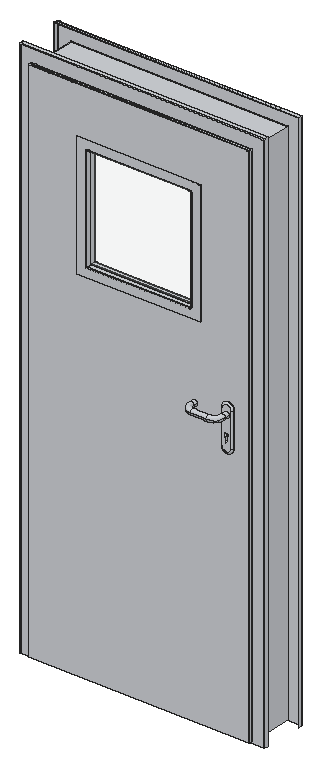
Revit family "Metalowe_2_ość-PS_metal", category Drzwi, Revit 2016
Family settings
  Obiekt nadrzędny = Ściana
  Numer OmniClass = 23.30.10.00
  Tytuł OmniClass = Doors
  Zawsze pionowo = Tak
  Tnij formami wycięć po wczytaniu = Nie
  Współdzielony = Nie
  Punkt obliczania pomieszczeń = Nie
Parameters (values of type "80")
  Zakres szerokości ściany [instance] = (if(and(Grubość ściany > 94 mm, Grubość ściany < 121 mm), "A", if(and(Grubość ściany > 120 mm, Grubość ściany < 146 mm), "B", (if(and(Grubość ściany > 145 mm, Grubość ściany < 171 mm), "C", (if(and(Grubość ściany > 170 mm, Grubość ściany < 196 mm), "D", (if(and(Grubość ściany > 195 mm, Grubość ściany < 221 mm), "E", (if(and(Grubość ściany > 220 mm, Grubość ściany < 246 mm), "F", (if(and(Grubość ściany > 245 mm, Grubość ściany < 271 mm), "G", (if(and(Grubość ściany > 270 mm, Grubość ściany < 296 mm), "H", "BRAK")))))))))))))))  # "C"
  Wysokość brutto = 2070 mm
  Szerokość skrzydła = 844 mm
  Szerokość brutto = 900 mm
  Producent = "PORTA KMI Poland"  # constant formula
  Model = "Metalowe z ramką 2"
  Materiał szklenie = Szkło
  Materiał skrzydło = none
  Materiał ramka = none
  Materiał ościeżnica = none
  Materiał klamka = none
  Konstrukcja analityczna = "<Brak>"
  Informacja = "Własność Porta KMI Poland, wszelkie prawa zastrzeżone."  # constant formula
  Grubość ściany [instance] = 150 mm
  Funkcja = Wewnętrzna
  Wysokość = 2016 mm
  Zakończenie ściany = Wg obiektu nadrzędnego
  Szerokość = 796 mm
  URL = "www.porta.com.pl"
Types (3, lengths in mm): name | Szerokość skrzydła | Szerokość brutto | Szerokość
  90 | 944 | 1000 | 896
  80 | 844 | 900 | 796
  100 | 1044 | 1100 | 996
Reference planes
  plane 1: y = 0
  plane 2 "Środek (Lewa/Prawa)": x = 0
  plane 3 "Lewy": x = -450
  plane 4 "Prawy": x = 450
  plane 5: z = 2070
  plane 6 "Zewnętrzna": y = 75
  plane 7 "Wewnętrzna": y = -75
  plane 8: x = -398
  plane 9: x = 398
  plane 10: z = 177
  plane 11: z = 1877
  plane 12: y = -105
  plane 13: y = -949
Forms (mm)
  Sweep 1, solid, material <- "Materiał ościeżnica"
    path in 3D
      loop
        line (-450, -75, 0) -> (-450, -75, 2070) -> (450, -75, 2070) -> (450, -75, 0)
    profile origin (-450, -75, 1035) x (0, -1, 0) y (1, 0, 0)
      loop
        arc (-75.005, 40) -> (-74.126, 37.879) -> (-72.005, 37) r 3
        line (-72.005, 37) -> (-67.005, 37) -> (-67.005, 38.506) -> (-72.005, 38.506)
        arc (-72.005, 38.506) -> (-73.065, 38.946) -> (-73.505, 40.007) r 1.5
        line (-73.505, 40.007) -> (-73.505, 48.993)
        arc (-73.505, 48.993) -> (-73.065, 50.054) -> (-72.005, 50.493) r 1.5
        line (-72.005, 50.493) -> (-16.255, 50.5)
        arc (-16.255, 50.5) -> (-15.505, 49.75) -> (-16.255, 49) r 0.75
        line (-16.255, 49) -> (-22.685, 49.83)
        arc (-22.685, 49.83) -> (-24.656, 49.228) -> (-25.505, 47.35) r 2.5
        line (-25.505, 47.35) -> (-25.505, 38)
        arc (-25.505, 38) -> (-24.773, 36.232) -> (-23.005, 35.5) r 2.5
        line (-23.005, 35.5) -> (12.5, 35.5)
        arc (12.5, 35.5) -> (13.207, 35.207) -> (13.5, 34.5) r 1
        line (13.5, 34.5) -> (13.5, -15.5)
        arc (13.5, -15.5) -> (13.207, -16.207) -> (12.5, -16.5) r 1
        line (12.5, -16.5) -> (0, -16.5) -> (0, -18) -> (12.5, -18)
        arc (12.5, -18) -> (14.268, -17.268) -> (15, -15.5) r 2.5
        line (15, -15.5) -> (15, 34.5)
        arc (15, 34.5) -> (14.268, 36.268) -> (12.5, 37) r 2.5
        line (12.5, 37) -> (-23.005, 37)
        arc (-23.005, 37) -> (-23.712, 37.293) -> (-24.005, 38) r 1
        line (-24.005, 38) -> (-24.005, 47.422)
        arc (-24.005, 47.422) -> (-23.662, 48.175) -> (-22.868, 48.412) r 1
        line (-22.868, 48.412) -> (-16.255, 47.5)
        arc (-16.255, 47.5) -> (-14.005, 49.75) -> (-16.255, 52) r 2.25
        line (-16.255, 52) -> (-72.005, 52)
        arc (-72.005, 52) -> (-74.126, 51.121) -> (-75.005, 49) r 3
        line (-75.005, 49) -> (-75.005, 40)
  Sweep 2, solid, material <- "Materiał ościeżnica"
    path in 3D
      loop
        line (450, 75, 0) -> (450, 75, 2070) -> (-450, 75, 2070) -> (-450, 75, 0)
    profile origin (-450, 75, 1035) x (1, 0, 0) y (0, 1, 0)
      loop
        line (35.5, 12.5) -> (35.5, -115.995) -> (37, -115.995) -> (37, 12.5)
        arc (37, 12.5) -> (36.268, 14.268) -> (34.5, 15) r 2.5
        line (34.5, 15) -> (-15.5, 15)
        arc (-15.5, 15) -> (-17.268, 14.268) -> (-18, 12.5) r 2.5
        line (-18, 12.5) -> (-18, 0) -> (-16.5, 0) -> (-16.5, 12.5)
        arc (-16.5, 12.5) -> (-16.207, 13.207) -> (-15.5, 13.5) r 1
        line (-15.5, 13.5) -> (34.5, 13.5)
        arc (34.5, 13.5) -> (35.207, 13.207) -> (35.5, 12.5) r 1
Lines and regions (mm)
  Opening 1
    outline origin (-3050, -75, 0) x (1, 0, 0) y (0, 0, 1)
      loop
        line (2600, 0) -> (3500, 0) -> (3500, 2070) -> (2600, 2070) -> (2600, 0)
  symbolic lines, style "Ugięcie elewacji"
    curve 1: line (450, -75, 1035) -> (-740.25, -75, 2070)
    curve 2: line (450, -75, 1035) -> (-450, -75, 0)
    curve 3: line (-450, 75, 0) -> (450, 75, 1035)
    curve 4: line (450, 75, 1035) -> (-450, 75, 1817.609)
  sketch lines
    curve 5: line (-450, -75, 0) -> (-450, -75, 2070)
    curve 6: line (-450, -75, 2070) -> (450, -75, 2070)
    curve 7: line (450, -75, 2070) -> (450, -75, 0)
    curve 8: line (-450, 75, 2070) -> (-450, 75, 0)
    curve 9: line (450, 75, 2070) -> (-450, 75, 2070)
    curve 10: line (450, 75, 0) -> (450, 75, 2070)
  symbolic lines
    curve 11: line (-398, -105, 0) -> (-398, -949, 0)
    curve 12: line (-438, -105, 0) -> (-398, -105, 0)
    curve 13: line (-438, -949, 0) -> (-398, -949, 0)
    curve 14: line (-438, -949, 0) -> (-438, -105, 0)
    curve 15: arc (-398, -949, 0) -> (183.465, -693.493, 0) -> (422.341, -105, 0) r 844.341
Text (mm)
  text "Zewnętrzna" at (-2295.016, 1099.543, 0), in view "Poziom odniesienia"
  text "Zewnętrzna" at (0, 1615.38, 3698.081), in view "Lewy"
  text "Zewnętrzna" at (0, 1036.032, 3874.932), in view "Prawy"
Dimensions and locks
  equal spacing: plane 3 "Lewy", plane 2 "Środek (Lewa/Prawa)", plane 4 "Prawy"
  "Szerokość brutto": plane 3 "Lewy" to plane 4 "Prawy"
  "Wysokość brutto": plane 5 to host wall
  equal spacing: host wall, curve 2, plane 5
  equal spacing: host wall, curve 4, plane 5
  locked: plane 6 "Zewnętrzna" to host wall at 0
  locked: plane 7 "Wewnętrzna" to host wall
  equal spacing: plane 8, plane 2 "Środek (Lewa/Prawa)", plane 9
  "Szerokość": plane 8 to plane 9
  locked: level to plane 10 at 177
  level to plane 11 = 1877 mm
  locked: plane 7 "Wewnętrzna" to Sweep 2 sketch curve at 34.005
  "Grubość ściany": host wall to host wall
  locked: plane 12 to plane 7 "Wewnętrzna" at 30
  "Szerokość skrzydła": plane 12 to plane 13
  locked: curve 14 to plane 8 at 40
  aligned and locked: plane 3 "Lewy" to Opening 1 sketch curve
  aligned and locked: plane 5 to Opening 1 sketch curve  (x2)
  aligned and locked: Opening 1 sketch curve to plane 4 "Prawy"
  aligned and locked: Opening 1 sketch curve to level
  aligned and locked: plane 5 to curve 1
  aligned and locked: plane 3 "Lewy" to curve 2
  aligned and locked: plane 1 to host wall
  aligned and locked: nested 1 to plane 12
  aligned and locked: plane 2 "Środek (Lewa/Prawa)" to nested 1
  aligned and locked: curve 11 to plane 8
  aligned and locked: curve 12 to plane 12
  aligned and locked: curve 13 to plane 13
Automatic sketch dimensions
  curve 4 to plane 3 "Lewy" = 0 mm
  curve 3 to level = 0 mm
  curve 2 to level = 0 mm
  curve 3 to plane 3 "Lewy" = 0 mm
  curve 3 to plane 4 "Prawy" = 0 mm
  curve 2 to plane 4 "Prawy" = 0 mm
  Sweep 1 sketch curve to Sweep 1 sketch curve = 0 mm  (x21)
  Sweep 1 sketch curve to Sweep 1 sketch curve = 1.5 mm  (x5)
  Sweep 1 sketch curve to Sweep 1 sketch curve = 5 mm
  Sweep 1 sketch curve to Sweep 1 sketch curve = 1 mm  (x4)
  Sweep 1 sketch curve to Sweep 1 sketch curve = 0.137 mm
  Sweep 1 sketch curve to Sweep 1 sketch curve = 0.183 mm
  Sweep 1 sketch curve to Sweep 1 sketch curve = 6.43 mm
  Sweep 1 sketch curve to Sweep 1 sketch curve = 23.005 mm
  Sweep 1 sketch curve to Sweep 1 sketch curve = 12.5 mm
  Sweep 1 sketch curve to Sweep 1 sketch curve = 28.755 mm
  Sweep 1 sketch curve to Sweep 1 sketch curve = 1.494 mm
  Sweep 1 sketch curve to Sweep 1 sketch curve = 0.001 mm
  Sweep 1 sketch curve to Sweep 1 sketch curve = 9.35 mm
  Sweep 1 sketch curve to Sweep 1 sketch curve = 0.071 mm
  Sweep 1 sketch curve to Sweep 1 sketch curve = 0.912 mm
  Sweep 1 sketch curve to Sweep 1 sketch curve = 8.987 mm
  Sweep 1 sketch curve to Sweep 1 sketch curve = 0.007 mm
  Sweep 1 sketch curve to Sweep 1 sketch curve = 41.5 mm
  Sweep 1 sketch curve to Sweep 1 sketch curve = 50 mm
  profile plane to Sweep 1 sketch curve = 75.005 mm
  Sweep 1 sketch curve to profile plane = 18 mm
  Sweep 2 sketch curve to Sweep 2 sketch curve = 0 mm  (x4)
  Sweep 2 sketch curve to profile plane = 12.5 mm
  Sweep 2 sketch curve to profile plane = 18 mm
  Sweep 2 sketch curve to Sweep 2 sketch curve = 1.5 mm
  Sweep 2 sketch curve to Sweep 2 sketch curve = 1 mm  (x2)
  Sweep 2 sketch curve to Sweep 2 sketch curve = 50 mm
  Sweep 2 sketch curve to Sweep 2 sketch curve = 12.5 mm
  curve 15 to plane 12 = 0 mm
  curve 12 to curve 15 = 16 mm
Nested families
  nested 1: "skrzydło" at (0, -105, 8) x (-1, 0, 0) z (0, 0, 1), type "skrzydło"
Definition of nested family "skrzydło"
  Parameters
    Wysokość = 2030 mm
    Szerokość = 844 mm
    Materiał szklenie = none
    Materiał ramka = none
    Materiał klamka = none
    Materiał = none
  Reference planes
    plane 1 "Środek (Przód/Tył)": y = 0
    plane 2: z = 0
    plane 3 "Środek (Lewa/Prawa)": x = 0
    plane 4: z = 2030
    plane 5: x = -422
    plane 6: x = 422
    plane 7: y = 40
    plane 8: x = -342.4
    plane 9: z = 1102
    plane 10: z = 1412.5
    plane 11: z = 1815.5
    plane 12: x = -201.5
    plane 13: x = 201.5
    plane 14: y = 20
  Forms (mm)
    Extrusion 1, solid, material <- "Materiał"
      sketch origin (0, 0, 0) x (1, 0, 0) y (0, 0, 1)
        loop
          line (-422, 2030) -> (-422, 0) -> (422, 0) -> (422, 2030) -> (-422, 2030)
      from 0 to -40
    Extrusion 2, void
      sketch origin (0, 0, 0) x (1, 0, 0) y (0, 0, 1)
        loop
          line (-201.5, 1412.5) -> (201.5, 1412.5) -> (201.5, 1815.5) -> (-201.5, 1815.5) -> (-201.5, 1412.5)
      from 0 to -67
    Sweep 3, solid, material <- "Materiał ramka"
      path in 3D
        loop
          line (-201.5, 0, 1815.5) -> (201.5, 0, 1815.5) -> (201.5, 0, 1412.5) -> (-201.5, 0, 1412.5) -> (-201.5, 0, 1815.5)
      profile origin (-201.5, 0, 1614) x (0, -1, 0) y (1, 0, 0)
        loop
          line (-18, 1.5) -> (-18, 0.5) -> (-1, 0.5)
          arc (-1, 0.5) -> (-0.293, 0.207) -> (0, -0.5) r 1
          line (0, -0.5) -> (0, -34.5) -> (1, -34.5) -> (1, -0.5)
          arc (1, -0.5) -> (0.414, 0.914) -> (-1, 1.5) r 2
          line (-1, 1.5) -> (-18, 1.5)
    Sweep 4, solid, material <- "Materiał ramka"
      path in 3D
        loop
          line (201.5, 40, 1815.5) -> (-201.5, 40, 1815.5) -> (-201.5, 40, 1412.5) -> (201.5, 40, 1412.5) -> (201.5, 40, 1815.5)
      profile origin (201.5, 40, 1614) x (0, 1, 0) y (-1, 0, 0)
        loop
          line (-18, 1.5) -> (-18, 0.5) -> (-1, 0.5)
          arc (-1, 0.5) -> (-0.293, 0.207) -> (0, -0.5) r 1
          line (0, -0.5) -> (0, -34.5) -> (1, -34.5) -> (1, -0.5)
          arc (1, -0.5) -> (0.414, 0.914) -> (-1, 1.5) r 2
          line (-1, 1.5) -> (-18, 1.5)
    Extrusion 5, solid, material <- "Materiał szklenie"
      sketch origin (-541.705, 20, 1200) x (-1, 0, 0) y (0, 0, 1)
        loop
          line (-340.205, 615.5) -> (-743.205, 615.5) -> (-743.205, 212.5) -> (-340.205, 212.5) -> (-340.205, 615.5)
      from -2 to 2
    Sweep 6, void
      path in 3D
        loop
          line (422, 0, 0) -> (422, 0, 2030) -> (-422, 0, 2030) -> (-422, 0, 0)
      profile origin (-422, 0, 1015) x (-1, 0, 0) y (0, -1, 0)
        loop
          line (0, -1.6) -> (0, -12.4)
          arc (0, -12.4) -> (-0.469, -13.531) -> (-1.6, -14) r 1.6
          line (-1.6, -14) -> (-13, -14) -> (-13, -38.4)
          arc (-13, -38.4) -> (-13.469, -39.531) -> (-14.6, -40) r 1.6
          line (-14.6, -40) -> (3.4, -40) -> (3.4, 0) -> (-1.6, 0)
          arc (-1.6, 0) -> (-0.469, -0.469) -> (0, -1.6) r 1.6
  Cuts and joins
    Extrusion 2, Sweep 6 cuts Extrusion 1
  Lines and regions (mm)
    sketch lines
      curve 1: line (-201.5, 0, 1412.5) -> (-201.5, 0, 1815.5)
      curve 2: line (-201.5, 0, 1815.5) -> (201.5, 0, 1815.5)
      curve 3: line (201.5, 0, 1412.5) -> (-201.5, 0, 1412.5)
      curve 4: line (201.5, 0, 1815.5) -> (201.5, 0, 1412.5)
      curve 5: line (201.5, 40, 1412.5) -> (201.5, 40, 1815.5)
      curve 6: line (-201.5, 40, 1412.5) -> (201.5, 40, 1412.5)
      curve 7: line (-201.5, 40, 1815.5) -> (-201.5, 40, 1412.5)
      curve 8: line (201.5, 40, 1815.5) -> (-201.5, 40, 1815.5)
      curve 9: line (-422, 0, 2030) -> (-422, 0, 0)
      curve 10: line (422, 0, 2030) -> (-422, 0, 2030)
      curve 11: line (422, 0, 0) -> (422, 0, 2030)
  Dimensions and locks
    "Wysokość": plane 4 to level
    equal spacing: plane 6, plane 3 "Środek (Lewa/Prawa)", plane 5
    "Szerokość": plane 6 to plane 5
    locked: plane 1 "Środek (Przód/Tył)" to plane 7 at 40
    locked: plane 9 to level at 1102
    locked: plane 10 to level at 1412.5
    locked: plane 11 to plane 10 at 403
    equal spacing: plane 1 "Środek (Przód/Tył)", plane 14, plane 7
    locked: plane 13 to plane 3 "Środek (Lewa/Prawa)" at 201.5
    locked: plane 3 "Środek (Lewa/Prawa)" to plane 12 at 201.5
    aligned and locked: level to plane 2
    aligned and locked: Extrusion 1 sketch curve to level
    aligned and locked: nested 2 to plane 8
    aligned and locked: plane 8 to nested 1
    aligned and locked: plane 7 to nested 2
    aligned and locked: plane 1 "Środek (Przód/Tył)" to nested 1
    aligned and locked: plane 9 to nested 1
    aligned and locked: nested 2 to plane 9
    aligned and locked: Extrusion 2 sketch curve to plane 10
    aligned and locked: Extrusion 2 sketch curve to plane 11
    aligned and locked: Extrusion 2 sketch curve to plane 12
    aligned and locked: Extrusion 2 sketch curve to plane 13
    aligned and locked: Extrusion 5 sketch curve to plane 11
    aligned and locked: Extrusion 5 sketch curve to plane 10
    aligned and locked: Extrusion 5 sketch curve to plane 13
    aligned and locked: cut or joined group of Extrusion 1, Extrusion 2, Sweep 6 to plane 7
    aligned and locked: Extrusion 1 sketch curve to plane 5
    aligned and locked: Extrusion 1 sketch curve to plane 4
    aligned and locked: plane 6 to Extrusion 1 sketch curve
  Automatic sketch dimensions
    Sweep 6 sketch curve to profile plane = 0 mm  (x2)
    Sweep 6 sketch curve to Sweep 6 sketch curve = 1.6 mm  (x2)
    Sweep 6 sketch curve to profile plane = 1.6 mm
    Sweep 6 sketch curve to profile plane = 13 mm
    profile plane to Sweep 6 sketch curve = 3.4 mm
    Sweep 6 sketch curve to Sweep 6 sketch curve = 10.8 mm
    Sweep 6 sketch curve to Sweep 6 sketch curve = 24.4 mm
    Sweep 3 sketch curve to Sweep 3 sketch curve = 0 mm  (x2)
    Sweep 3 sketch curve to profile plane = 0 mm
    profile plane to Sweep 3 sketch curve = 1 mm
    profile plane to Sweep 3 sketch curve = 1.5 mm
    Sweep 3 sketch curve to Sweep 3 sketch curve = 17 mm
    Sweep 3 sketch curve to profile plane = 0.5 mm
    Sweep 3 sketch curve to Sweep 3 sketch curve = 34 mm
    Extrusion 5 sketch curve to plane 12 = 0 mm
    Sweep 4 sketch curve to Sweep 4 sketch curve = 0 mm  (x2)
    profile plane to Sweep 4 sketch curve = 0 mm
    profile plane to Sweep 4 sketch curve = 0.5 mm
    Sweep 4 sketch curve to Sweep 4 sketch curve = 17 mm
    Sweep 4 sketch curve to Sweep 4 sketch curve = 1 mm
    Sweep 4 sketch curve to profile plane = 0.5 mm
    Sweep 4 sketch curve to Sweep 4 sketch curve = 34 mm
  Nested families
    nested 1: "klamka" at (-342.4, 0, 1102), type "klamka"
    nested 2: "klamka" at (-342.4, 40, 1102), type "klamka"
  Definition of nested family "klamka"
    Parameters
      Materiał = none
    Reference planes
      plane 1 "Środek (Przód/Tył)": y = 0
      plane 2: z = 0
      plane 3 "Środek (Lewa/Prawa)": x = 0
    Forms (mm)
      Extrusion 1, solid, material <- "Materiał"
        sketch origin (0, 0, 0) x (1, 0, 0) y (0, 0, 1)
          loop
            arc (5.25, -79) -> (0, -63.25) -> (-5.25, -79) r 8.75
            line (-5.25, -79) -> (-5.25, -92)
            arc (-5.25, -92) -> (0, -97.25) -> (5.25, -92) r 5.25
            line (5.25, -92) -> (5.25, -79)
          loop
            arc (-22.5, -112) -> (0, -134.5) -> (22.5, -112) r 22.5
            line (22.5, -112) -> (22.5, 18)
            arc (22.5, 18) -> (0, 40.5) -> (-22.5, 18) r 22.5
            line (-22.5, 18) -> (-22.5, -112)
        from 0 to 8
      Sweep 2, void
        path in 3D
          loop
            arc (-22.5, -8, -112) -> (0, -8, -134.5) -> (22.5, -8, -112) r 22.5
            line (22.5, -8, -112) -> (22.5, -8, 18)
            arc (22.5, -8, 18) -> (0, -8, 40.5) -> (-22.5, -8, 18) r 22.5
            line (-22.5, -8, 18) -> (-22.5, -8, -112)
        profile origin (-22.5, -8, -47) x (-1, 0, 0) y (0, -1, 0)
          loop
            arc (-5, 0) -> (-1.464, -1.464) -> (0, -5) r 5
            line (0, -5) -> (0, 0) -> (-5, 0)
      Sweep 3, solid, material <- "Materiał"
        path origin (0, 0, 0) x (1, 0, 0) y (0, 1, 0)
          loop
            line (0, -8) -> (0, -28)
            arc (0, -28) -> (8.787, -49.213) -> (30, -58) r 30
            line (30, -58) -> (90, -58)
            arc (90, -58) -> (111.213, -49.213) -> (120, -28) r 30
            line (120, -28) -> (120, -13)
        profile origin (0, -18, 0) x (1, 0, 0) y (0, 0, 1)
          loop
            circle (0, 0) r 10
    Cuts and joins
      Sweep 2 cuts Extrusion 1
    Lines and regions (mm)
      sketch lines
        curve 1: line (-22.5, -8, 18) -> (-22.5, -8, -112)
        curve 2: arc (-22.5, -8, 18) -> (0, -8, 40.5) -> (22.5, -8, 18) r 22.5
        curve 3: line (22.5, -8, -112) -> (22.5, -8, 18)
        curve 4: arc (22.5, -8, -112) -> (0, -8, -134.5) -> (-22.5, -8, -112) r 22.5
    Dimensions and locks
      aligned and locked: level to plane 2
      aligned and locked: Extrusion 1 to Sweep 2 sketch curve
      aligned and locked: profile plane to Sweep 2 sketch curve
